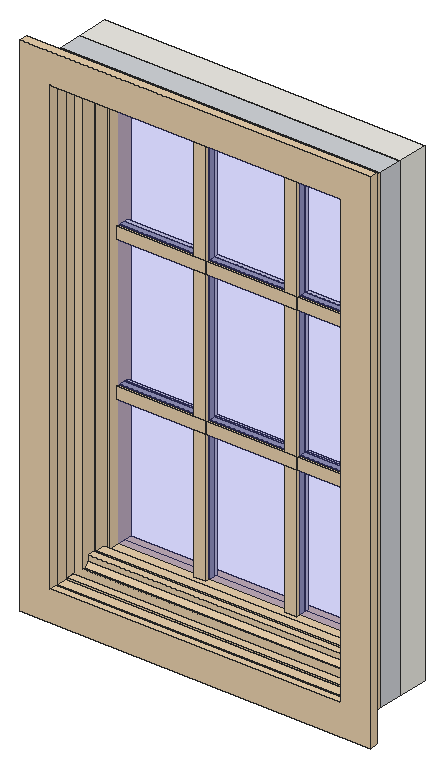
Revit family "1 Window-Casement-Andersen-400_Series_Single", category Windows, host Wall, Revit 2014 (continued)
Dimensions and locks (in)
  aligned and locked: Masking region 8 sketch curve to plane 58 "Xjamb S1"  (x2)
  aligned and locked: Masking region 8 sketch curve to Sweep 12  (x3)
  aligned and locked: Masking region 8 sketch curve to plane 63 "T Int Frame"
  aligned and locked: Masking region 8 sketch curve to plane 61 "Stop S1"
  aligned and locked: plane 64 "B Int Frame" to Masking region 8 sketch curve
  aligned and locked: Masking region 9 sketch curve to plane 32 "T Xjamb 2"
  aligned and locked: plane 58 "Xjamb S1" to Masking region 9 sketch curve  (x2)
  aligned and locked: plane 63 "T Int Frame" to Masking region 9 sketch curve
  aligned and locked: plane 61 "Stop S1" to Masking region 9 sketch curve
  aligned and locked: Masking region 9 sketch curve to plane 64 "B Int Frame"
  aligned and locked: plane 39 "B Xjamb 2" to Masking region 9 sketch curve
  aligned and locked: host wall to Masking region 9 sketch curve
  aligned and locked: host wall to Masking region 10 sketch curve
  aligned and locked: Masking region 10 sketch curve to plane 42 "B Int Casing"
  aligned and locked: plane 52 "Interior Casing" to Masking region 10 sketch curve
  aligned and locked: plane 37 "T Int Casing" to Masking region 10 sketch curve
  aligned and locked: plane 58 "Xjamb S1" to curve 102
  aligned and locked: Sweep 12 to curve 102
  aligned and locked: plane 64 "B Int Frame" to curve 102
  aligned and locked: plane 58 "Xjamb S1" to curve 103
  aligned and locked: host wall to curve 103
  aligned and locked: plane 50 "B Xjamb 1" to curve 103
  aligned and locked: plane 52 "Interior Casing" to curve 104
  aligned and locked: plane 50 "B Xjamb 1" to curve 104
  aligned and locked: plane 58 "Xjamb S1" to curve 99
  aligned and locked: Sweep 12 to curve 99
  aligned and locked: plane 63 "T Int Frame" to curve 99
  aligned and locked: plane 58 "Xjamb S1" to curve 100
  aligned and locked: host wall to curve 100
  aligned and locked: plane 30 "T Xjamb 1" to curve 100
  aligned and locked: plane 52 "Interior Casing" to curve 101
  aligned and locked: plane 30 "T Xjamb 1" to curve 101
  aligned and locked: Masking region 11 sketch curve to plane 58 "Xjamb S1"  (x2)
  aligned and locked: plane 66 "R Int Frame" to Masking region 11 sketch curve
  aligned and locked: Masking region 11 sketch curve to plane 61 "Stop S1"
  aligned and locked: Masking region 11 sketch curve to plane 65 "L Int Frame"
  aligned and locked: Masking region 11 sketch curve to Sweep 12  (x2)
  aligned and locked: Masking region 12 sketch curve to plane 58 "Xjamb S1"  (x2)
  aligned and locked: plane 66 "R Int Frame" to Masking region 12 sketch curve
  aligned and locked: Masking region 12 sketch curve to plane 61 "Stop S1"
  aligned and locked: Masking region 12 sketch curve to plane 65 "L Int Frame"
  aligned and locked: plane 13 "L Xjamb 2" to Masking region 12 sketch curve
  aligned and locked: Masking region 12 sketch curve to host wall
  aligned and locked: Masking region 12 sketch curve to plane 23 "R Xjamb 2"
  aligned and locked: host wall to Masking region 13 sketch curve
  aligned and locked: plane 43 "L Int Casing" to Masking region 13 sketch curve
  aligned and locked: plane 52 "Interior Casing" to Masking region 13 sketch curve
  aligned and locked: Masking region 13 sketch curve to plane 28 "R Int Casing"
  aligned and locked: plane 58 "Xjamb S1" to curve 108
  aligned and locked: Sweep 12 to curve 108
  aligned and locked: plane 65 "L Int Frame" to curve 108
  aligned and locked: plane 58 "Xjamb S1" to curve 109
  aligned and locked: host wall to curve 109
  aligned and locked: plane 11 "L Xjamb 1" to curve 109
  aligned and locked: plane 52 "Interior Casing" to curve 110
  aligned and locked: plane 11 "L Xjamb 1" to curve 110
  aligned and locked: plane 58 "Xjamb S1" to curve 105
  aligned and locked: Sweep 12 to curve 105
  aligned and locked: plane 66 "R Int Frame" to curve 105
  aligned and locked: plane 58 "Xjamb S1" to curve 106
  aligned and locked: host wall to curve 106
  aligned and locked: plane 21 "R Xjamb 1" to curve 106
  aligned and locked: plane 52 "Interior Casing" to curve 107
  aligned and locked: plane 21 "R Xjamb 1" to curve 107
  aligned and locked: plane 61 "Stop S1" to Masking region 1 sketch curve
  aligned and locked: Extrusion 13 sketch curve to plane 63 "T Int Frame"
  aligned and locked: plane 48 "Sash1 S2" to Extrusion 13 sketch curve
  aligned and locked: Extrusion 13 sketch curve to plane 61 "Stop S1"
  aligned and locked: Extrusion 13 to plane 65 "L Int Frame"
  aligned and locked: plane 66 "R Int Frame" to Extrusion 13
  aligned and locked: plane 4 "R Frame" to curve 18
  aligned and locked: plane 47 "Flange" to curve 18
  aligned and locked: plane 5 "L Frame" to curve 50
  aligned and locked: curve 50 to plane 47 "Flange"
  aligned and locked: plane 6 "B Frame" to curve 89
  aligned and locked: plane 47 "Flange" to curve 89
  aligned and locked: plane 7 "T Frame" to curve 88
  aligned and locked: plane 47 "Flange" to curve 88
  aligned and locked: plane 25 "R Casing 2" to curve 5
  aligned and locked: plane 45 "Casing S2" to curve 4
  aligned and locked: plane 26 "R Casing 3" to curve 4
  aligned and locked: plane 44 "Casing S1" to curve 4
  aligned and locked: plane 15 "L Casing 2" to curve 2
  aligned and locked: plane 16 "L Casing 3" to curve 1
  aligned and locked: plane 34 "T Casing 2" to curve 14
  aligned and locked: plane 35 "T Casing 3" to curve 13
  aligned and locked: plane 44 "Casing S1" to curve 13
  aligned and locked: Extrusion 5 sketch curve to plane 6 "B Frame"
  aligned and locked: Masking region 6 sketch curve to cut or joined group of Extrusion 5, Sweep 6
  aligned and locked: Extrusion 7 sketch curve to plane 6 "B Frame"
  aligned and locked: plane 44 "Casing S1" to curve 16
  aligned and locked: plane 44 "Casing S1" to curve 17
  aligned and locked: plane 44 "Casing S1" to curve 188
  aligned and locked: plane 47 "Flange" to curve 188
  aligned and locked: plane 49 "Frame S2" to curve 189
  aligned and locked: plane 44 "Casing S1" to curve 186
  aligned and locked: plane 47 "Flange" to curve 186
  aligned and locked: plane 49 "Frame S2" to curve 187
  aligned and locked: plane 17 "L Casing 4" to curve 188
  aligned and locked: plane 5 "L Frame" to curve 189
  aligned and locked: plane 27 "R Casing 4" to curve 186
  aligned and locked: plane 4 "R Frame" to curve 187
  aligned and locked: plane 47 "Flange" to curve 190
  aligned and locked: plane 36 "T Casing 4" to curve 190
  aligned and locked: plane 46 "Frame S1" to curve 191
  aligned and locked: plane 49 "Frame S2" to curve 191
  aligned and locked: plane 7 "T Frame" to curve 191
  aligned and locked: plane 44 "Casing S1" to curve 192
  aligned and locked: plane 47 "Flange" to curve 192
  aligned and locked: plane 41 "B Casing 2" to curve 192
  aligned and locked: plane 46 "Frame S1" to curve 193
  aligned and locked: plane 49 "Frame S2" to curve 193
  aligned and locked: plane 6 "B Frame" to curve 193
  aligned and locked: plane 47 "Flange" to curve 187
  aligned and locked: plane 47 "Flange" to curve 189
  aligned and locked: plane 19 "R Ext Frame" to curve 7
  aligned and locked: plane 19 "R Ext Frame" to curve 68
  aligned and locked: plane 9 "L Ext Frame" to curve 8
  aligned and locked: plane 9 "L Ext Frame" to curve 66
  aligned and locked: plane 38 "B Ext Frame" to nested 1
  aligned and locked: plane 9 "L Ext Frame" to nested 1
  aligned and locked: nested 1 to plane 48 "Sash1 S2"
Automatic sketch dimensions
  curve 16 to curve 16 = 0' - 0 3/16"
  curve 147 to curve 149 = 0' - 0.655"
  curve 149 to curve 70 = 0' - 1.549"
  curve 71 to curve 143 = 0' - 0.107"
  curve 143 to curve 77 = 0' - 0.066"
  curve 77 to curve 86 = 0' - 0.626"
  curve 74 to curve 142 = 0' - 0.844"
  curve 87 to curve 76 = 0' - 0.371"
  curve 80 to curve 79 = 0' - 0.313"
  curve 79 to curve 78 = 0' - 0.187"
  curve 78 to curve 146 = 0' - 0.07303"
  curve 150 to curve 147 = 0' - 0.345"
  curve 72 to curve 72 = 0' - 0.345"
  curve 144 to curve 71 = 0' - 0.549"
  curve 76 to curve 83 = 0' - 0.096"
  curve 70 to curve 88 = 0' - 0.451"
  curve 84 to curve 86 = 0' - 0.096"
  curve 145 to curve 145 = 0' - 0.23897"
  curve 77 to curve 87 = 0' - 0.0062"
  curve 77 to curve 149 = 0' - 0.109"
  curve 86 to curve 85 = 0' - 0.25024"
  curve 73 to curve 149 = 0' - 0.361"
  curve 85 to curve 85 = 0' - 0.23255"
  curve 76 to curve 141 = 0' - 0.053"
  curve 76 to curve 143 = 0' - 0.4378"
  curve 150 to curve 147 = 0' - 0.545"
  curve 71 to curve 74 = 0' - 0.174"
  curve 147 to curve 72 = 0' - 0 1/4"
  curve 74 to curve 80 = 0' - 0.281"
  curve 80 to curve 79 = 0' - 0.156"
  curve 74 to curve 70 = 0' - 0.533"
  curve 70 to curve 146 = 0' - 0.08989"
  curve 82 to curve 86 = 0' - 0.0062"
  curve 77 to curve 83 = 0' - 0"
  curve 82 to curve 84 = 0' - 0.13544"
  curve 73 to curve 81 = 0' - 0.081"
  curve 144 to curve 75 = 0' - 0.217"
  curve 70 to curve 88 = 0' - 0.653"
  curve 88 to curve 88 = 0' - 1 5/8"
  curve 69 to plane 20 "R Stop" = 0' - 0"
  curve 67 to plane 10 "L Stop" = 0' - 0"
  curve 66 to plane 48 "Sash1 S2" = 0' - 0"
  curve 69 to plane 48 "Sash1 S2" = 0' - 0"
  curve 177 to curve 153 = 0' - 0.196"
  curve 177 to curve 179 = 0' - 0.28306"
  curve 154 to curve 185 = 0' - 0.27094"
  curve 154 to curve 180 = 0' - 0.56794"
  curve 180 to curve 181 = 0' - 0.733"
  curve 181 to curve 182 = 0' - 0.267"
  curve 156 to curve 175 = 0' - 0.549"
  curve 152 to curve 171 = 0' - 0.107"
  curve 171 to curve 158 = 0' - 0.066"
  curve 158 to curve 168 = 0' - 0.626"
  curve 155 to curve 161 = 0' - 0.844"
  curve 168 to curve 166 = 0' - 0.371"
  curve 161 to curve 160 = 0' - 0.313"
  curve 160 to curve 160 = 0' - 0.187"
  curve 159 to curve 174 = 0' - 0.07303"
  curve 178 to curve 177 = 0' - 0.149"
  curve 153 to curve 153 = 0' - 0.345"
  curve 185 to curve 179 = 0' - 0.047"
  curve 158 to curve 165 = 0' - 0.096"
  curve 151 to curve 89 = 0' - 0.451"
  curve 163 to curve 168 = 0' - 0.096"
  curve 173 to curve 173 = 0' - 0.23897"
  curve 173 to curve 151 = 0' - 0.08989"
  curve 151 to curve 160 = 0' - 0.096"
  curve 160 to curve 170 = 0' - 0.156"
  curve 151 to curve 153 = 0' - 0.457"
  curve 161 to curve 155 = 0' - 0.281"
  curve 155 to curve 175 = 0' - 0.174"
  curve 152 to curve 172 = 0' - 0.0882"
  curve 152 to curve 156 = 0' - 0.217"
  curve 175 to curve 177 = 0' - 0.437"
  curve 155 to curve 169 = 0' - 0.647"
  curve 171 to curve 157 = 0' - 0.4378"
  curve 177 to curve 185 = 0' - 0.267"
  curve 157 to curve 167 = 0' - 0.23255"
  curve 184 to curve 154 = 0' - 0.07316"
  curve 156 to curve 156 = 0' - 0.768"
  curve 166 to curve 167 = 0' - 0.25024"
  curve 157 to curve 162 = 0' - 0.489"
  curve 184 to curve 180 = 0' - 0.484"
  curve 156 to curve 181 = 0' - 0.28"
  curve 89 to curve 151 = 0' - 2.153"
  curve 89 to curve 151 = 0' - 0.528"
  curve 165 to curve 158 = 0' - 0.13544"
  curve 162 to curve 156 = 0' - 0.095"
  curve 183 to curve 179 = 0' - 0.296"
  curve 167 to curve 163 = 0' - 0.0062"
  curve 158 to curve 164 = 0' - 0"
  Sweep 12 sketch curve to profile plane = 0' - 0"
  curve 111 to curve 111 = 0' - 0.05924"
  curve 111 to curve 24 = 0' - 0.094"
  curve 111 to curve 23 = 0' - 0.1128"
  curve 23 to curve 21 = 0' - 0.02383"
  curve 21 to curve 21 = 0' - 0.12559"
  curve 23 to curve 115 = 0' - 0.30812"
  curve 21 to curve 118 = 0' - 0.30153"
  curve 22 to curve 113 = 0' - 0.25884"
  curve 22 to curve 25 = 0' - 0.6057"
  curve 113 to curve 27 = 0' - 0.4"
  curve 19 to curve 92 = 0' - 0.531"
  curve 92 to curve 92 = 0' - 0.36"
  curve 26 to curve 26 = 0' - 0 5/8"
  curve 27 to curve 27 = 0' - 0 5/8"
  curve 18 to curve 111 = 0' - 2.04524"
  curve 18 to curve 111 = 0' - 0.54524"
  curve 117 to curve 113 = 0' - 0.291"
  curve 40 to curve 41 = 0' - 0.35617"
  curve 46 to curve 26 = 0' - 0.12475"
  curve 45 to curve 27 = 0' - 0"
  curve 44 to curve 26 = 0' - 0"
  curve 20 to curve 117 = 0' - 1.0675"
  curve 117 to curve 118 = 0' - 0.527"
  curve 20 to curve 28 = 0' - 0.722"
  curve 19 to curve 113 = 0' - 0.291"
  curve 27 to curve 26 = 0' - 0.626"
  curve 22 to curve 112 = 0' - 0.557"
  curve 21 to curve 115 = 0' - 0 1/8"
  curve 26 to curve 138 = 0' - 0.402"
  curve 23 to curve 111 = 0' - 0.275"
  curve 111 to curve 23 = 0' - 0.038"
  curve 40 to curve 138 = 0' - 0 1/4"
  curve 93 to curve 92 = 0' - 0.9325"
  curve 19 to curve 93 = 0' - 0"
  curve 27 to curve 45 = 0' - 0.096"
  curve 18 to curve 111 = 0' - 0 3/8"
  curve 44 to curve 26 = 0' - 0.096"
  curve 24 to curve 135 = 0' - 0.312"
  curve 119 to curve 119 = 0' - 0.05924"
  curve 119 to curve 35 = 0' - 0.094"
  curve 119 to curve 34 = 0' - 0.1128"
  curve 34 to curve 32 = 0' - 0.02383"
  curve 32 to curve 32 = 0' - 0.12559"
  curve 34 to curve 123 = 0' - 0.30812"
  curve 32 to curve 126 = 0' - 0.30153"
  curve 33 to curve 121 = 0' - 0.25884"
  curve 33 to curve 36 = 0' - 0.6057"
  curve 121 to curve 38 = 0' - 0.4"
  curve 30 to curve 94 = 0' - 0.531"
  curve 94 to curve 94 = 0' - 0.36"
  curve 37 to curve 37 = 0' - 0 5/8"
  curve 38 to curve 38 = 0' - 0 5/8"
  curve 29 to curve 119 = 0' - 2.04524"
  curve 29 to curve 119 = 0' - 0.54524"
  curve 125 to curve 121 = 0' - 0.291"
  curve 42 to curve 43 = 0' - 0.35617"
  curve 49 to curve 37 = 0' - 0.12475"
  curve 48 to curve 38 = 0' - 0"
  curve 47 to curve 37 = 0' - 0"
  curve 31 to curve 125 = 0' - 1.0675"
  curve 125 to curve 126 = 0' - 0.527"
  curve 31 to curve 39 = 0' - 0.722"
  curve 30 to curve 121 = 0' - 0.291"
  curve 38 to curve 37 = 0' - 0.626"
  curve 33 to curve 120 = 0' - 0.557"
  curve 32 to curve 123 = 0' - 0 1/8"
  curve 37 to curve 139 = 0' - 0.402"
  curve 34 to curve 119 = 0' - 0.275"
  curve 119 to curve 34 = 0' - 0.038"
  curve 42 to curve 139 = 0' - 0 1/4"
  curve 95 to curve 94 = 0' - 0.9325"
  curve 30 to curve 95 = 0' - 0"
  curve 38 to curve 48 = 0' - 0.096"
  curve 29 to curve 119 = 0' - 0 3/8"
  curve 47 to curve 37 = 0' - 0.096"
  curve 35 to curve 136 = 0' - 0.312"
  curve 127 to curve 127 = 0' - 0.05924"
  curve 127 to curve 56 = 0' - 0.094"
  curve 127 to curve 55 = 0' - 0.1128"
  curve 55 to curve 53 = 0' - 0.02383"
  curve 53 to curve 53 = 0' - 0.12559"
  curve 55 to curve 131 = 0' - 0.30812"
  curve 53 to curve 134 = 0' - 0.30153"
  curve 54 to curve 129 = 0' - 0.25884"
  curve 54 to curve 57 = 0' - 0.6057"
  curve 129 to curve 59 = 0' - 0.4"
  curve 51 to curve 96 = 0' - 0.531"
  curve 96 to curve 96 = 0' - 0.36"
  curve 58 to curve 58 = 0' - 0 5/8"
  curve 59 to curve 59 = 0' - 0 5/8"
  curve 50 to curve 127 = 0' - 2.04524"
  curve 50 to curve 127 = 0' - 0.54524"
  curve 133 to curve 129 = 0' - 0.291"
  curve 61 to curve 62 = 0' - 0.35617"
  curve 65 to curve 58 = 0' - 0.12475"
  curve 64 to curve 59 = 0' - 0"
  curve 63 to curve 58 = 0' - 0"
  curve 133 to curve 52 = 0' - 1.0675"
  curve 134 to curve 133 = 0' - 0.527"
  curve 60 to curve 52 = 0' - 0.722"
  curve 129 to curve 51 = 0' - 0.291"
  curve 58 to curve 59 = 0' - 0.626"
  curve 128 to curve 54 = 0' - 0.557"
  curve 131 to curve 53 = 0' - 0 1/8"
  curve 140 to curve 58 = 0' - 0.402"
  curve 127 to curve 55 = 0' - 0.275"
  curve 55 to curve 127 = 0' - 0.038"
  curve 140 to curve 61 = 0' - 0 1/4"
  curve 96 to curve 97 = 0' - 0.9325"
  curve 51 to curve 97 = 0' - 0"
  curve 64 to curve 59 = 0' - 0.096"
  curve 127 to curve 50 = 0' - 0 3/8"
  curve 58 to curve 63 = 0' - 0.096"
  curve 137 to curve 56 = 0' - 0.312"
  curve 221 to curve 197 = 0' - 0.196"
  curve 221 to curve 223 = 0' - 0.28306"
  curve 198 to curve 229 = 0' - 0.27094"
  curve 198 to curve 224 = 0' - 0.56794"
  curve 224 to curve 225 = 0' - 0.733"
  curve 225 to curve 226 = 0' - 0.267"
  curve 200 to curve 219 = 0' - 0.549"
  curve 196 to curve 215 = 0' - 0.107"
  curve 215 to curve 202 = 0' - 0.066"
  curve 202 to curve 212 = 0' - 0.626"
  curve 199 to curve 205 = 0' - 0.844"
  curve 212 to curve 210 = 0' - 0.371"
  curve 205 to curve 204 = 0' - 0.313"
  curve 204 to curve 204 = 0' - 0.187"
  curve 203 to curve 218 = 0' - 0.07303"
  curve 222 to curve 221 = 0' - 0.149"
  curve 197 to curve 197 = 0' - 0.345"
  curve 229 to curve 223 = 0' - 0.047"
  curve 202 to curve 209 = 0' - 0.096"
  curve 195 to curve 194 = 0' - 0.451"
  curve 207 to curve 212 = 0' - 0.096"
  curve 217 to curve 217 = 0' - 0.23897"
  curve 217 to curve 195 = 0' - 0.08989"
  curve 195 to curve 204 = 0' - 0.096"
  curve 204 to curve 214 = 0' - 0.156"
  curve 195 to curve 197 = 0' - 0.457"
  curve 205 to curve 199 = 0' - 0.281"
  curve 199 to curve 219 = 0' - 0.174"
  curve 196 to curve 216 = 0' - 0.0882"
  curve 196 to curve 200 = 0' - 0.217"
  curve 219 to curve 221 = 0' - 0.437"
  curve 199 to curve 213 = 0' - 0.647"
  curve 215 to curve 201 = 0' - 0.4378"
  curve 221 to curve 229 = 0' - 0.267"
  curve 201 to curve 211 = 0' - 0.23255"
  curve 228 to curve 198 = 0' - 0.07316"
  curve 200 to curve 200 = 0' - 0.768"
  curve 210 to curve 211 = 0' - 0.25024"
  curve 201 to curve 206 = 0' - 0.489"
  curve 228 to curve 224 = 0' - 0.484"
  curve 200 to curve 225 = 0' - 0.28"
  curve 194 to curve 195 = 0' - 2.153"
  curve 194 to curve 195 = 0' - 0.528"
  curve 209 to curve 202 = 0' - 0.13544"
  curve 206 to curve 200 = 0' - 0.095"
  curve 227 to curve 223 = 0' - 0.296"
  curve 211 to curve 207 = 0' - 0.0062"
  curve 202 to curve 208 = 0' - 0"
  curve 255 to curve 257 = 0' - 0.655"
  curve 257 to curve 230 = 0' - 1.549"
  curve 231 to curve 251 = 0' - 0.107"
  curve 251 to curve 237 = 0' - 0.066"
  curve 237 to curve 246 = 0' - 0.626"
  curve 234 to curve 250 = 0' - 0.844"
  curve 247 to curve 236 = 0' - 0.371"
  curve 240 to curve 239 = 0' - 0.313"
  curve 239 to curve 238 = 0' - 0.187"
  curve 238 to curve 254 = 0' - 0.07303"
  curve 258 to curve 255 = 0' - 0.345"
  curve 232 to curve 232 = 0' - 0.345"
  curve 252 to curve 231 = 0' - 0.549"
  curve 236 to curve 243 = 0' - 0.096"
  curve 230 to curve 248 = 0' - 0.451"
  curve 244 to curve 246 = 0' - 0.096"
  curve 253 to curve 253 = 0' - 0.23897"
  curve 237 to curve 247 = 0' - 0.0062"
  curve 237 to curve 257 = 0' - 0.109"
  curve 246 to curve 245 = 0' - 0.25024"
  curve 233 to curve 257 = 0' - 0.361"
  curve 245 to curve 245 = 0' - 0.23255"
  curve 236 to curve 249 = 0' - 0.053"
  curve 236 to curve 251 = 0' - 0.4378"
  curve 258 to curve 255 = 0' - 0.545"
  curve 231 to curve 234 = 0' - 0.174"
  curve 255 to curve 232 = 0' - 0 1/4"
  curve 234 to curve 240 = 0' - 0.281"
  curve 240 to curve 239 = 0' - 0.156"
  curve 234 to curve 230 = 0' - 0.533"
  curve 230 to curve 254 = 0' - 0.08989"
  curve 242 to curve 246 = 0' - 0.0062"
  curve 237 to curve 243 = 0' - 0"
  curve 242 to curve 244 = 0' - 0.13544"
  curve 233 to curve 241 = 0' - 0.081"
  curve 252 to curve 235 = 0' - 0.217"
  curve 230 to curve 248 = 0' - 0.653"
  curve 248 to curve 248 = 0' - 1 5/8"
  curve 5 to plane 22 "R Casing 1" = 0' - 0"
  curve 1 to plane 44 "Casing S1" = 0' - 0"
  curve 17 to plane 46 "Frame S1" = 0' - 0"
  curve 6 to plane 46 "Frame S1" = 0' - 0"
  curve 7 to plane 46 "Frame S1" = 0' - 0"
  curve 16 to plane 4 "R Frame" = 0' - 0"
  curve 16 to plane 46 "Frame S1" = 0' - 0"
  host wall to curve 10 = 0' - 0"
  curve 9 to plane 20 "R Stop" = 0' - 0"
  curve 10 to plane 10 "L Stop" = 0' - 0"
  plane 68 "B Stop" to Extrusion 10 sketch curve = 0' - 0.28"
  curve 91 to plane 38 "B Ext Frame" = 0' - 0.18664"
  curve 190 to plane 44 "Casing S1" = 0' - 0"
Nested families (in)
  nested 1: "Andersen_Sash_Panel" at (11.514, 2.5625, 46.81311) x (-1, 0, 0) z (0, 0, 1), type "Andersen_Sash_Panel"
    with Material_Top_Setback 0' - 0 1/32", Material_Right_Setback 0' - 0 1/32", Material_Left_Setback 0' - 0 1/32", Material_Bottom_Setback 0' - 0 1/32", SingleVertLocation 0' - 9 49/64", SingleHorzLocation 1' - 3 11/16", Rail_Top 0' - 1 13/16", Panel_Width 1' - 11 1/32", DLOVertical 0' - 9 7/8", DLOHorizontal 0' - 5.92708", BottomBarLocation 1' - 3 1/4", BarLengthVertical 2' - 7 3/8", BarLengthHorizontal 1' - 7 17/32"
Definition of nested family "Andersen_Sash_Panel"
  Parameters (values of type "Andersen_Sash_Panel")
    VertBarQuantity = if(LightsWide < 3, 2, LightsWide - 1)  # 2
    TFL = if(Fractional_Lights_High > 5, 3, if(or(Fractional_Lights_High = 4, Fractional_Lights_High = 5), 2, if(or(Fractional_Lights_High = 2, Fractional_Lights_High = 3), 1, 1)))  # 2
    TFB = TFL - 1  # 1
    Stile_Right = 0' - 1 3/4"
    Stile_Left = 0' - 1 3/4"
    StandardLightsHigh = 3
    SingleVertLocation = (Panel_Width - Stile_Right - Stile_Left) / 2  # 0' - 9 213/256"
    SingleVertBarVisibility = LightsWide = 2  # no
    SingleHorzLocation = (BarLengthVertical) / 2  # 1' - 3 23/32"
    SingleHorBarVisibility = or(or(or(and(LightsHigh = 2, PatternNumber = 1), and(PatternNumber = 4, Fractional_Lights_High > 1)), and(PatternNumber = 5, Fractional_Lights_High > 1)), and(PatternNumber = 2, Fractional_Lights_High > 1))  # no
    S H Fractional = and(PatternNumber = 2, or(Fractional_Lights_High = 4, Fractional_Lights_High = 5))  # no
    Rail_Top = 0' - 1 3/4"
    Rail_Bottom = 0' - 1 11/16"
    PatternNumber = 1
    Panel_Width = 1' - 11 21/128"
    Panel_Thickness = 0' - 2"
    Panel_Height = 2' - 10 7/8"
    MultipleVertBar Visibility = and(not(PatternNumber = 0), LightsWide > 2)  # yes
    MultipleHorBarVisibility = or(or(PatternNumber = 3, and(LightsHigh > 2, PatternNumber = 1)), and(PatternNumber = 2, Fractional_Lights_High > 5))  # yes
    Material_Top_Setback [instance] = 0' - 0 1/32"
    Material_Right_Setback [instance] = 0' - 0 1/32"
    Material_Left_Setback [instance] = 0' - 0 1/32"
    Material_Interior = Wood - Andersen - Pine
    Material_Exterior = Vinyl - Andersen - White
    Material_Bottom_Setback [instance] = 0' - 0 1/32"
    LightsWide = if(PatternNumber = 3, 3, [- Lights Wide])  # 3
    LightsHigh = if(PatternNumber = 2, [- Lights High] - 1, if(PatternNumber = 3, 3, [- Lights High]))  # 3
    Interior Bar Thickness = 0' - 0 23/64"
    HorBarQuantity = if(LightsHigh < 3, 2, LightsHigh - 1)  # 2
    GrilleBarSizeInt = 4
    GrilleBarSize = 0' - 0 7/8"
    Glazing = Glass ‐ Andersen - Low-E4 SmartSun
    Glass SetBack = 0' - 0 167/256"
    Glass Pane Thickness = 0' - 0 3/32"
    Glass OA Thickness = 0' - 0 5/8"
    Fractional_Lights_Wide = 3
    Fractional_Lights_High = 5
    Exterior Bar Thickness = 0' - 0 77/256"
    DLOVertical = if(PatternNumber = 1, if(LightsHigh > 2, ((BarLengthVertical - (GrilleBarSize * (LightsHigh - 1))) / LightsHigh), 0' 4"), if(PatternNumber = 3, 0' 4", if(Fractional_Lights_High > 2, ((BarLengthVertical - (GrilleBarSize * 2)) / 3), 0' 4")))  # 0' - 9.89583"
    DLOHorizontal = if(PatternNumber = 3, 0' 4", ((Panel_Width - Stile_Right - Stile_Left) - (GrilleBarSize * VertBarQuantity)) / if(LightsWide > 2, LightsWide, 3))  # 0' - 5.97135"
    BottomBarVisibility = and(PatternNumber = 2, or(Fractional_Lights_High = 4, Fractional_Lights_High = 5))  # no
    BottomBarLocation = if(PatternNumber = 1, ((Panel_Height - Rail_Top - Rail_Bottom) / 2) - (GrilleBarSize / 2), BarLengthVertical)  # 1' - 3 9/32"
    Between Glass Grille Bar Color = Stainless Steel - Andersen - Standard
    BarLengthVertical = if(or(PatternNumber = 5, PatternNumber = 2), ((((Panel_Height - Rail_Top - Rail_Bottom - (GrilleBarSize * (Fractional_Lights_High - 1))) / Fractional_Lights_High)) * TFL) + (TFB * GrilleBarSize) + Rail_Top, if(PatternNumber = 4, ((Panel_Height - Rail_Top - Rail_Bottom - (GrilleBarSize * (Fractional_Lights_High - 1))) / Fractional_Lights_High), Panel_Height - Rail_Top - Rail_Bottom))  # 2' - 7 7/16"
    BarLengthHorizontal = Panel_Width - Stile_Right - Stile_Left  # 1' - 7 85/128"
    BarIntVisibility = yes
    BarExtVisibility = yes
    BarBetweenGlassVisibility = yes
    Analytic Construction = "<None>"
    - Lights Wide = 3
    - Lights High = 3
  Reference planes (in)
    plane 1 "Front": y = 0
    plane 2 "Bottom": z = 0
    plane 3 "Left": x = 0
    plane 4 "Top": z = 34.875
    plane 5 "Right": x = 23.16406
    plane 6 "Glazing Left": x = 1.75
    plane 7 "Glazing Bottom": z = 1.6875
    plane 8 "Glazing Right": x = 21.41406
    plane 9 "Glazing Top": z = 33.125
    plane 10 "GlazingA": y = 0.65234
    plane 11 "GlazingB": y = 1.27734
    plane 12 "Back": y = 2
    plane 13: z = 1.6875
  Forms (in)
    Extrusion 1, solid, material "Wood - Andersen - Pine" <- "Material_Interior"
      sketch origin (0, 0, 0) x (1, 0, 0) y (0, 0, 1)
        loop
          line (0, 34.875) -> (0, 0) -> (23.16406, 0) -> (23.16406, 34.875) -> (0, 34.875)
        loop
          line (1.75, 33.125) -> (1.75, 1.6875) -> (21.41406, 1.6875) -> (21.41406, 33.125) -> (1.75, 33.125)
      from -2 to 0
    Extrusion 2, solid, material "Glass ‐ Andersen - Low-E4 SmartSun" <- "Glazing"
      sketch origin (0, 0, 0) x (1, 0, 0) y (0, 0, 1)
        loop
          line (1.75, 33.125) -> (1.75, 1.6875) -> (21.41406, 1.6875) -> (21.41406, 33.125) -> (1.75, 33.125)
      from -1.27734 to -0.65234
  Lines and regions (in)
    Split face 1
      outline origin (0, 0, 34.875) x (1, 0, 0) y (0, 1, 0)
        loop
          line (0, 0.03125) -> (23.16406, 0.03125)
    Split face 2
      outline origin (23.16406, 0, 34.875) x (0, 0, -1) y (0, 1, 0)
        loop
          line (0, 0.03125) -> (34.875, 0.03125)
    Split face 3
      outline origin (0, 0, 0) x (0, 0, 1) y (0, 1, 0)
        loop
          line (34.875, 0.03125) -> (0, 0.03125)
    Split face 4
      outline origin (23.16406, 0, 0) x (0, 1, 0) y (-1, 0, 0)
        loop
          line (0.03125, 23.16406) -> (0.03125, 0)
    Split face 5
      outline origin (21.41406, 0.27734, 1.6875) x (-1, 0, 0) y (0, -1, 0)
        loop
          line (19.66406, -0.375) -> (0, -0.375)
        loop
          line (19.66406, -1) -> (0, -1)
    Split face 6
      outline origin (1.75, 0, 1.6875) x (0, 0, 1) y (0, -1, 0)
        loop
          line (0, -0.65234) -> (31.4375, -0.65234)
        loop
          line (31.4375, -1.27734) -> (0, -1.27734)
    Split face 7
      outline origin (21.41406, 0, 33.125) x (0, 0, -1) y (0, -1, 0)
        loop
          line (31.4375, -0.65234) -> (0, -0.65234)
        loop
          line (0, -1.27734) -> (31.4375, -1.27734)
    Split face 8
      outline origin (1.75, 0, 33.125) x (0, -1, 0) y (1, 0, 0)
        loop
          line (-0.65234, 0) -> (-0.65234, 19.66406)
        loop
          line (-1.27734, 0) -> (-1.27734, 19.66406)
    symbolic lines, style "WindowsGlassProjection", detail levels medium+fine
      curve 1: line (1.75, 0.65234, 0) -> (21.41406, 0.65234, 0)
      curve 2: line (1.75, 1.27734, 0) -> (21.41406, 1.27734, 0)
    symbolic lines, style "WindowsGlassProjection"
      curve 3: line (0, 0.65234, 33.125) -> (0, 0.65234, 1.6875)
      curve 4: line (0, 1.27734, 33.125) -> (0, 1.27734, 1.6875)
    symbolic lines, style "WindowsGlassProjection", detail levels fine
      curve 5: line (1.75, 0.74609, 0) -> (21.41406, 0.74609, 0)
      curve 6: line (1.75, 1.18359, 0) -> (21.41406, 1.18359, 0)
      curve 7: line (0, 1.18359, 33.125) -> (0, 1.18359, 1.6875)
      curve 8: line (0, 0.74609, 33.125) -> (0, 0.74609, 1.6875)
    symbolic lines, style "WindowsFrameMullionProjection", detail levels medium
      curve 9: line (0, 2, 0) -> (1.75, 2, 0)
      curve 10: line (0, 0, 0) -> (0, 2, 0)
      curve 11: line (1.75, 0, 0) -> (0, 0, 0)
      curve 12: line (1.75, 2, 0) -> (1.75, 0, 0)
      curve 13: line (21.41406, 2, 0) -> (23.16406, 2, 0)
      curve 14: line (21.41406, 0, 0) -> (21.41406, 2, 0)
      curve 15: line (23.16406, 0, 0) -> (21.41406, 0, 0)
      curve 16: line (23.16406, 2, 0) -> (23.16406, 0, 0)
  Dimensions and locks (in)
    "Panel_Width": plane 5 "Right" to plane 3 "Left"
    "Panel_Height": plane 4 "Top" to plane 2 "Bottom"
    "Stile_Left": plane 6 "Glazing Left" to plane 3 "Left"
    "Stile_Right": plane 5 "Right" to plane 8 "Glazing Right"
    "Rail_Bottom": plane 7 "Glazing Bottom" to plane 2 "Bottom"
    "Rail_Top": plane 4 "Top" to plane 9 "Glazing Top"
    "Panel_Thickness": plane 1 "Front" to plane 12 "Back"
    "Material_Top_Setback": Extrusion 1 to Split face 1 sketch curve
    "Material_Right_Setback": Extrusion 1 to Split face 2 sketch curve
    "Material_Left_Setback": Split face 3 sketch curve to Extrusion 1
    "Material_Bottom_Setback": Extrusion 1 to Split face 4 sketch curve
    "BarLengthVertical": plane 9 "Glazing Top" to plane 13
    plane 8 "Glazing Right" to plane 6 "Glazing Left" = 1' - 7 85/128"
    group 1 to group 2 = 0' - 6.84635"
    group 1 to group 2 = 0' - 0"  (x2)
    "DLOHorizontal": nested 1 to plane 6 "Glazing Left"
    "DLOHorizontal": plane 8 "Glazing Right" to nested 2
    "Glass SetBack": plane 1 "Front" to plane 10 "GlazingA"
    "Glass Pane Thickness": curve 5 to plane 10 "GlazingA"
    "Glass OA Thickness": plane 11 "GlazingB" to plane 10 "GlazingA"
    "Glass Pane Thickness": plane 11 "GlazingB" to curve 6
    "Glass Pane Thickness": plane 11 "GlazingB" to curve 7
    "Glass Pane Thickness": curve 8 to plane 10 "GlazingA"
    "SingleVertLocation": nested 3 to plane 6 "Glazing Left"
    group 3 to group 4 = 0' - 0"  (x2)
    group 3 to group 4 = 0' - 10.77083"
    "DLOVertical": plane 9 "Glazing Top" to nested 6
    "DLOVertical": nested 5 to plane 13
    equal spacing: plane 9 "Glazing Top", nested 7, nested 4
    "BottomBarLocation": plane 9 "Glazing Top" to nested 4
    aligned and locked: plane 2 "Bottom" to level
    aligned and locked: Extrusion 1 sketch curve to plane 4 "Top"
    aligned and locked: Extrusion 1 sketch curve to plane 9 "Glazing Top"
    aligned and locked: Extrusion 1 sketch curve to plane 5 "Right"
    aligned and locked: Extrusion 1 sketch curve to plane 8 "Glazing Right"
    aligned and locked: plane 2 "Bottom" to Extrusion 1 sketch curve
    aligned and locked: plane 7 "Glazing Bottom" to Extrusion 1 sketch curve
    aligned and locked: plane 3 "Left" to Extrusion 1 sketch curve
    aligned and locked: plane 6 "Glazing Left" to Extrusion 1 sketch curve
    aligned and locked: plane 12 "Back" to Extrusion 1
    aligned and locked: plane 1 "Front" to Extrusion 1
    aligned and locked: Extrusion 2 sketch curve to plane 9 "Glazing Top"
    aligned and locked: Extrusion 2 sketch curve to plane 8 "Glazing Right"
    aligned and locked: plane 7 "Glazing Bottom" to Extrusion 2 sketch curve
    aligned and locked: plane 6 "Glazing Left" to Extrusion 2 sketch curve
    aligned and locked: plane 11 "GlazingB" to Extrusion 2
    aligned and locked: Extrusion 2 to plane 10 "GlazingA"
    aligned and locked: Split face 5 sketch curve to plane 10 "GlazingA"
    aligned and locked: Split face 5 sketch curve to plane 11 "GlazingB"
    aligned and locked: Split face 6 sketch curve to plane 10 "GlazingA"
    aligned and locked: plane 11 "GlazingB" to Split face 6 sketch curve
    aligned and locked: Split face 7 sketch curve to plane 10 "GlazingA"
    aligned and locked: plane 11 "GlazingB" to Split face 7 sketch curve
    aligned and locked: Split face 8 sketch curve to plane 10 "GlazingA"
    aligned and locked: Split face 8 sketch curve to plane 11 "GlazingB"
    aligned and locked: curve 2 to plane 11 "GlazingB"
    aligned and locked: plane 7 "Glazing Bottom" to curve 3
    aligned and locked: plane 10 "GlazingA" to curve 3
    aligned and locked: plane 9 "Glazing Top" to curve 4
    aligned and locked: plane 11 "GlazingB" to curve 4
    aligned and locked: plane 6 "Glazing Left" to curve 6
    aligned and locked: plane 8 "Glazing Right" to curve 6
    aligned and locked: Split face 5 to plane 10 "GlazingA"
    aligned and locked: plane 9 "Glazing Top" to nested 1
    aligned and locked: plane 9 "Glazing Top" to nested 2
    aligned and locked: curve 13 to plane 12 "Back"
    aligned and locked: curve 16 to plane 5 "Right"
    aligned and locked: plane 8 "Glazing Right" to curve 14
    aligned and locked: curve 15 to plane 1 "Front"
    aligned and locked: curve 12 to plane 6 "Glazing Left"
    aligned and locked: plane 3 "Left" to curve 10
    aligned and locked: curve 11 to plane 1 "Front"
    aligned and locked: curve 9 to plane 12 "Back"
    aligned and locked: plane 9 "Glazing Top" to nested 3
    aligned and locked: plane 6 "Glazing Left" to nested 4
    aligned and locked: nested 6 to plane 6 "Glazing Left"
    aligned and locked: nested 5 to plane 6 "Glazing Left"
    aligned and locked: plane 6 "Glazing Left" to nested 7
  Automatic sketch dimensions
    Split face 1 sketch curve to Extrusion 1 = 0' - 0"  (x2)
    Split face 2 sketch curve to Extrusion 1 = 0' - 0"
    Extrusion 1 to Split face 2 sketch curve = 0' - 0"
    Extrusion 1 to Split face 3 sketch curve = 0' - 0"
    Split face 3 sketch curve to Extrusion 1 = 0' - 0"
    Split face 4 sketch curve to Extrusion 1 = 0' - 0"  (x2)
    Split face 5 sketch curve to Extrusion 1 = 0' - 0"  (x4)
    Split face 6 sketch curve to Extrusion 1 = 0' - 0"  (x2)
    Extrusion 1 to Split face 6 sketch curve = 0' - 0"  (x2)
    Extrusion 1 to Split face 7 sketch curve = 0' - 0"  (x2)
    Split face 7 sketch curve to Extrusion 1 = 0' - 0"  (x2)
    Split face 8 sketch curve to Extrusion 1 = 0' - 0"  (x4)
    curve 1 to plane 10 "GlazingA" = 0' - 0"
    curve 7 to plane 9 "Glazing Top" = 0' - 0"
    curve 3 to plane 9 "Glazing Top" = 0' - 0"
    curve 8 to plane 9 "Glazing Top" = 0' - 0"
    curve 7 to plane 7 "Glazing Bottom" = 0' - 0"
    curve 4 to plane 7 "Glazing Bottom" = 0' - 0"
    curve 8 to plane 7 "Glazing Bottom" = 0' - 0"
  Nested families (in)
    nested 1: "Andersen_Grille_Bar" at (8.15885, 0.65234, 17.40625) x (1, 0, 0) z (0, -1, 0), Bar Width <- "GrilleBarSize", Bar Length <- "BarLengthVertical", visible <- "MultipleVertBar Visibility", type "Andersen_Grille_Bar"
      with Center Line Length 2' - 7 7/8", Center Line 1, Bar Width 0' - 0 7/8", Bar Length 2' - 7 7/16"
    nested 2: "Andersen_Grille_Bar" at (15.00521, 0.65234, 17.40625) x (1, 0, 0) z (0, -1, 0), Bar Width <- "GrilleBarSize", Bar Length <- "BarLengthVertical", visible <- "MultipleVertBar Visibility", type "Andersen_Grille_Bar"
      with Center Line Length 2' - 7 7/8", Center Line 1, Bar Width 0' - 0 7/8", Bar Length 2' - 7 7/16"
    nested 3: "Andersen_Grille_Bar" at (11.58203, 0.65234, 17.40625) x (1, 0, 0) z (0, -1, 0), Bar Width <- "GrilleBarSize", visible <- "SingleVertBarVisibility", Bar Length <- "BarLengthVertical", type "Andersen_Grille_Bar"
      with Center Line Length 2' - 7 7/8", Center Line 1, Bar Width 0' - 0 7/8", Bar Length 2' - 7 7/16"
    nested 4: "Andersen_Grille_Bar" at (11.58203, 0.65234, 17.40625) x (0, 0, -1) z (0, -1, 0), Bar Width <- "GrilleBarSize", Bar Length <- "BarLengthHorizontal", visible <- "SingleHorBarVisibility", type "Andersen_Grille_Bar"
      with Center Line Length 1' - 8 13/128", Center Line 1, Bar Width 0' - 0 7/8", Bar Length 1' - 7 85/128"
    nested 5: "Andersen_Grille_Bar" at (11.58203, 0.65234, 12.02083) x (0, 0, 1) z (0, -1, 0), Bar Width <- "GrilleBarSize", Bar Length <- "BarLengthHorizontal", visible <- "MultipleHorBarVisibility", type "Andersen_Grille_Bar"
      with Center Line Length 1' - 8 13/128", Center Line 1, Bar Width 0' - 0 7/8", Bar Length 1' - 7 85/128"
    nested 6: "Andersen_Grille_Bar" at (11.58203, 0.65234, 22.79167) x (0, 0, 1) z (0, -1, 0), Bar Width <- "GrilleBarSize", Bar Length <- "BarLengthHorizontal", visible <- "MultipleHorBarVisibility", type "Andersen_Grille_Bar"
      with Center Line Length 1' - 8 13/128", Center Line 1, Bar Width 0' - 0 7/8", Bar Length 1' - 7 85/128"
    nested 7: "Andersen_Grille_Bar" at (11.58203, 0.65234, 25.48438) x (0, 0, -1) z (0, -1, 0), Bar Width <- "GrilleBarSize", Bar Length <- "BarLengthHorizontal", visible <- "S H Fractional", type "Andersen_Grille_Bar"
      with Center Line Length 1' - 8 13/128", Center Line 1, Bar Width 0' - 0 7/8", Bar Length 1' - 7 85/128"
  Definition of nested family "Andersen_Grille_Bar"
    Parameters (values of type "Andersen_Grille_Bar")
      Interior Bar Visibility = yes
      Interior Bar Thickness = 0' - 0 27/128"
      Interior Bar Material = Wood - Andersen - Pine
      Glass Pane Thickness = 0' - 0 1/8"
      Glass OA Thickness = 0' - 0 5/8"
      Exterior Bar Visibility = yes
      Exterior Bar Thickness = 0' - 0 27/128"
      Exterior Bar Finish = none
      Default Elevation = 4' - 0"
      Center Line Length [instance] = if(Center Line = 1, Bar Length + (Bar Width / 2), Bar Length)  # 0' - 4 7/16"
      Center Line [instance] = 1
      Between Glass Bar Visibility = yes
      Between Glass Bar Finish = Stainless Steel - Andersen - Standard
      Bar Width [instance] = 0' - 0 7/8"
      Bar Length [instance] = 0' - 4"
    Reference planes (in)
      plane 1 "Center (Front/Back)": y = 0
      plane 2 "a": z = 0
      plane 3 "Center (Left/Right)": x = 0
      plane 4 "1": x = -0.4375
      plane 5 "2": x = 0.4375
      plane 6: y = 2
      plane 7: y = -2
      plane 8 "b": z = -0.625
      plane 9: y = -2.4375
      plane 10 "a1": z = 12
      plane 11 "a2": z = -12
    Forms (in)
      Extrusion 1, solid
        sketch origin (0, 0, 0) x (1, 0, 0) y (0, 1, 0)
          loop
            line (-48, 48) -> (-48, -48) -> (48, -48) -> (48, 48) -> (-48, 48)
        from 0 to -12
      Extrusion 2, solid, material <- "Exterior Bar Finish", visible <- "Exterior Bar Visibility", detail levels fine
        sketch origin (0, 0, 0) x (1, 0, 0) y (0, 1, 0)
          loop
            line (-0.4375, 2) -> (-0.4375, -2) -> (0.4375, -2) -> (0.4375, 2) -> (-0.4375, 2)
        from 0 to 0.21094
      Extrusion 3, solid, material "Stainless Steel - Andersen - Standard" <- "Between Glass Bar Finish", visible <- "Between Glass Bar Visibility", detail levels fine
        sketch origin (0, 0, 0) x (1, 0, 0) y (0, 1, 0)
          loop
            line (-0.4375, 2) -> (-0.4375, -2) -> (0.4375, -2) -> (0.4375, 2) -> (-0.4375, 2)
        from -0.5 to -0.125
      Extrusion 4, solid, material "Wood - Andersen - Pine" <- "Interior Bar Material", visible <- "Interior Bar Visibility", detail levels fine
        sketch origin (0, 0, 0) x (1, 0, 0) y (0, 1, 0)
          loop
            line (-0.4375, 2) -> (-0.4375, -2) -> (0.4375, -2) -> (0.4375, 2) -> (-0.4375, 2)
        from -0.83594 to -0.625
    Lines and regions (in)
      model lines, style "GenericModel", detail levels coarse+medium
        curve 1: line (0, 2, 0) -> (0, -2.4375, 0)
      symbolic lines, style "GenericModel", detail levels coarse+medium
        curve 2: line (0, 2, 12) -> (0, -2.4375, 12)
    Dimensions and locks (in)
      "Glass OA Thickness": plane 2 "a" to plane 8 "b"
      "Exterior Bar Thickness": Extrusion 2 to Extrusion 2
      "Interior Bar Thickness": plane 8 "b" to Extrusion 4
      equal spacing: plane 4 "1", plane 3 "Center (Left/Right)", plane 5 "2"
      equal spacing: plane 6, plane 1 "Center (Front/Back)", plane 7
      "Bar Width": plane 4 "1" to plane 5 "2"
      "Bar Length": plane 6 to plane 7
      "Center Line Length": plane 6 to plane 9
      locked: plane 10 "a1" to plane 2 "a" at 12
      locked: plane 2 "a" to plane 11 "a2" at 12
      "Glass Pane Thickness": Extrusion 3 to plane 8 "b"
      "Glass Pane Thickness": plane 2 "a" to Extrusion 3
      aligned and locked: plane 2 "a" to Extrusion 1
      aligned and locked: level to Extrusion 1
      aligned and locked: Extrusion 2 to plane 2 "a"
      aligned and locked: Extrusion 2 to plane 4 "1"
      aligned and locked: plane 5 "2" to Extrusion 2
      aligned and locked: plane 6 to Extrusion 2
      aligned and locked: Extrusion 2 to plane 7
      aligned and locked: Extrusion 3 to plane 4 "1"
      aligned and locked: plane 5 "2" to Extrusion 3
      aligned and locked: plane 6 to Extrusion 3
      aligned and locked: Extrusion 3 to plane 7
      aligned and locked: plane 8 "b" to Extrusion 4
      aligned and locked: Extrusion 4 to plane 4 "1"
      aligned and locked: plane 5 "2" to Extrusion 4
      aligned and locked: plane 6 to Extrusion 4
      aligned and locked: Extrusion 4 to plane 7
      aligned and locked: plane 6 to curve 1
      aligned and locked: plane 9 to curve 1
      aligned and locked: curve 1 to plane 3 "Center (Left/Right)"
      aligned and locked: plane 6 to curve 2
      aligned and locked: plane 9 to curve 2
      aligned and locked: curve 2 to plane 3 "Center (Left/Right)"
    Automatic sketch dimensions
      Extrusion 1 sketch curve to Extrusion 1 sketch curve = 8' - 0"  (x2)
      plane 7 to Extrusion 2 sketch curve = 0' - 0"
      Extrusion 2 sketch curve to plane 5 "2" = 0' - 0 7/8"
      Extrusion 2 sketch curve to plane 6 = 0' - 0"
      Extrusion 2 sketch curve to Extrusion 2 sketch curve = 0' - 0 7/8"
      plane 7 to Extrusion 3 sketch curve = 0' - 0"
      Extrusion 3 sketch curve to plane 5 "2" = 0' - 0 7/8"
      Extrusion 3 sketch curve to plane 6 = 0' - 0"
      Extrusion 3 sketch curve to Extrusion 3 sketch curve = 0' - 0 7/8"
      Extrusion 4 sketch curve to plane 7 = 0' - 0"
      Extrusion 4 sketch curve to plane 5 "2" = 0' - 0 7/8"
      Extrusion 4 sketch curve to plane 6 = 0' - 0"
      Extrusion 4 sketch curve to Extrusion 4 sketch curve = 0' - 0 7/8"
